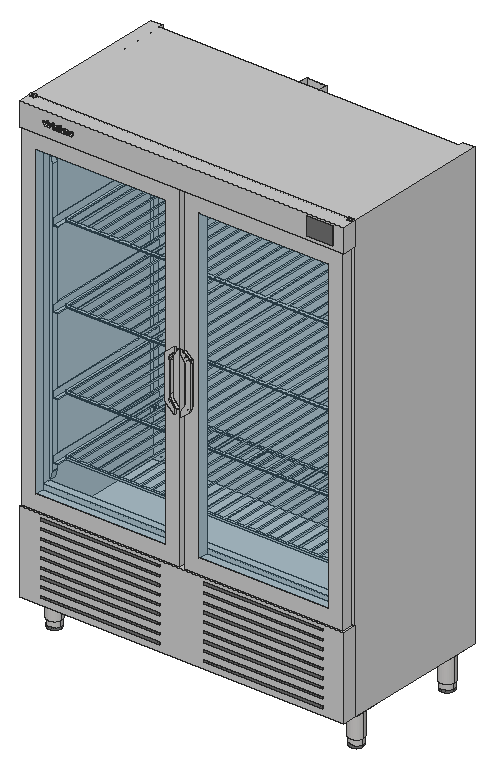
Revit family "QF_INFRICO_AN1002BTCR_250814093632", category Specialty Equipment, Revit 2021
Family settings
  Round Connector Dimension = Use Diameter
  Part Type = Normal
  OmniClass Number = 23.40.40.14
  OmniClass Title = Food Service Equipment
  Work Plane-Based = No
  Always vertical = Yes
  Cut with Voids When Loaded = No
  Shared = No
  Room Calculation Point = No
Parameters (values of type "AN1002BTCR")
  Weight [instance] = 0.00 kg
  Waste Water Discharge Temperature [instance] = 0 °C
  Waste Remarks [instance] = ""
  Warranty Start Date [instance] = ""
  Warranty Duration [instance] = ""
  Volts [instance] = 230 V
  Volt Free Conn [instance] = no
  URL Recommended Spares List [instance] = ""
  URL Manufacturer [instance] = ""
  URL Cutsheet [instance] = ""
  URL Critical Spares List [instance] = ""
  URL = "www.infrico.com"
  Technical Documentation [instance] = ""
  Tag Number [instance] = ""
  Status [instance] = ""
  Start Up Current [instance] = 0 A
  Specification by User [instance] = ""
  Specification by Manufacturer [instance] = ""
  Sound Level [instance] = ""
  Show Logo [instance] = yes
  Show Clearances [instance] = yes
  Service Life Duration [instance] = ""
  Serial Number [instance] = ""
  Seismic Rating [instance] = ""
  SMACNA No [instance] = ""
  Revision Code [instance] = ""
  Revision [instance] = ""
  Production Year [instance] = ""
  Potential Equalisation [instance] = no
  Point Load [instance] = 0
  Plumbing Connection Type [instance] = ""
  Phase [instance] = 1
  Other Equipment Approvals [instance] = ""
  Operational Current [instance] = 0 A
  Number of Poles [instance] = 2
  No Load Power Draw [instance] = no
  NAFEM Spec ID Number [instance] = ""
  Model Warning [instance] = ""
  Model = "AN1002BTCR"
  Min Ckt Ampacity [instance] = 0 A
  Max Overcurrent Protection [instance] = 0 A
  Masterspec [instance] = ""
  Manufacturer = "INFRICO"
  Main switch integrated [instance] = no
  Length Actual [instance] = 1385 mm
  Item Number [instance] = ""
  Installed By [instance] = ""
  Installation Date [instance] = ""
  Indirect Waste Size [instance] = 19.05 mm
  Indirect Waste Remarks [instance] = ""
  Indirect Waste Flow [instance] = 0.0 L/s
  Indirect Waste Connection Type [instance] = ""
  Indirect Waste Connection Height [instance] = 0 mm
  Identify Quantity as Lot [instance] = no
  ID [instance] = ""
  Hygiene Approval [instance] = ""
  Height Actual [instance] = 2060 mm
  HP power [instance] = ""
  Furnished By [instance] = ""
  Foodservice Equipment Identifier [instance] = no
  FL Amps [instance] = 0 A
  Electrical Remarks [instance] = ""
  Electric power [instance] = 880 W
  Electric Connection Type [instance] = ""
  Elec Conn RI Height [instance] = 0 mm
  Elec Conn Connection Height [instance] = 0 mm
  ETL Approved [instance] = no
  Direct Waste Water Discharge Temperature [instance] = -273.15 °C
  Direct Waste Size [instance] = 19.05 mm
  Direct Waste RI Height [instance] = 0 mm
  Direct Waste Flow [instance] = 0.0 L/s
  Direct Waste Connection Height [instance] = 0 mm
  Description = "BOTTOM MOUNTED FREEZER GLASS DOOR REACH IN - TWO DOORS - R290"
  Depth Actual [instance] = 700 mm
  Default Elevation = 0 mm
  Cycle [instance] = 50 Hz
  Cost = 0
  Connection to energy optimisation system [instance] = yes
  Conn Plug [instance] = ""
  Conn Conduit [instance] = no
  Centralized building control system with digital interface [instance] = ""
  CSI MasterFormat [instance] = ""
  CE Approved [instance] = no
  Barcode [instance] = 0
  Author [instance] = ""
  Asset Identifier [instance] = ""
  Apparent Power [instance] = 880 VA
  Accessory [instance] = no
Reference planes
  plane 1 "Center (Front/Back)": y = 0
  plane 2: z = 0
  plane 3 "Center (Left/Right)": x = 0
Forms (mm)
  Extrusion 1, solid, not visible
    sketch origin (693.034, -106.005, 409.52) x (1, 0, 0) y (0, 1, 0)
      loop
        line (-2, 2) -> (-2, -2) -> (2, -2) -> (2, 2) -> (-2, 2)
    from -2 to 2
  Extrusion 2, solid, not visible
    sketch origin (1261.062, -22.001, 2019.099) x (1, 0, 0) y (0, 1, 0)
      loop
        line (-2, 2) -> (-2, -2) -> (2, -2) -> (2, 2) -> (-2, 2)
    from -2 to 2
Dimensions and locks
  locked: nested 2 to Extrusion 1 at 2  (x2)
  locked: Extrusion 2 to nested 3
  locked: nested 3 to Extrusion 2 at 2
  aligned and locked: level to plane 2
Nested families
  nested 1: "QF_INFRICO_AN1002BTCR_2920" at (0, 0, 150), type "AN1002BTCR"
    with Weight 0.00 kg, Warranty Start Date "", Warranty Duration "", URL Cutsheet "", Technical Documentation "", Tag Number "", Status "", Specification by User "", Specification by Manufacturer "", Sound Level "", Solid Fuel Type "", Show Logo yes, Show Clearances yes, Show Clearance yes, Service Life Duration "", Serial Number "", Seismic Rating "", SMACNA No "", Revision Code "", Revision "", Production Year "", Point Load 0, Other Equipment Approvals "", NAFEM Spec ID Number "", Model Warning "", Masterspec "", Length Actual 1385 mm, Item Number "", Installed By "", Installation Date "", Identify Quantity as Lot yes, ID "", Hygiene Approval "", Height Actual 2060 mm, Furnished By "", Foodservice Equipment Identifier yes, ETL Approved yes, Depth Actual 700 mm, CSI MasterFormat "", CE Approved no, Barcode "", Author "", Asset Identifier "", Accessory no
  nested 2: "CONN_POINT_DRAIN_2D___Generic_Annotation" at (693.034, -106.005, 407.52), type "CONN_POINT_DRAIN_2D___Generic_Annotation"
    with Onboard connection annotation symbol visibility yes
  nested 3: "CONN_POINT_ELE_2D___Generic_Annotation" at (1261.062, -20.001, 2019.099), type "CONN_POINT_ELE_2D___Generic_Annotation"
    with Onboard connection annotation symbol visibility yes
  nested 4: "QF_INFRICO_LEGS_REACH_INS_5364" at (0, 0, 0), type "LEGS_1385_640"
    with Weight 0.00 kg, Warranty Start Date "", Warranty Duration "", URL Cutsheet "", Technical Documentation "", Tag Number "", Status "", Specification by User "", Specification by Manufacturer "", Sound Level "", Solid Fuel Type "", Show Logo yes, Show Clearances yes, Service Life Duration "", Serial Number "", Seismic Rating "", SMACNA No "", Revision Code "", Revision "", Production Year "", Point Load 0, Other Equipment Approvals "", NAFEM Spec ID Number "", Model Warning "", Masterspec "", Length Actual 1385 mm, Item Number "", Installed By "", Installation Date "", Identify Quantity as Lot yes, ID "", Hygiene Approval "", Height Actual 150 mm, Furnished By "", Foodservice Equipment Identifier yes, ETL Approved yes, Depth Actual 640 mm, CSI MasterFormat "", CE Approved no, Barcode "", Author "", Asset Identifier "", Accessory yes
Connectors
  piping at (693.034, -106.005, 407.52), diameter 19.05, driven by "Indirect Waste Size", driven by "Direct Waste Flow"
    settings: on Extrusion 1, index 1, connector inside diameter 609.6 mm, connector length 0 mm, flow factor 0, pipe flow 0.0 L/s, pressure drop 0.0 Pa, fitting loss kfactor 0, connector angle 0.00°, fixture units 0, engagement length 0 mm, angle of deflection 0.00°, flow configuration 1, flow direction 2, fitting loss method 0, system type 16, joint type 0, gender type 0, connector reference index -1, connector utility 0, adjustable connector no, is connector primary yes, connector description "Waste connection for AN1002BTCR"
  electrical at (1261.062, -20.001, 2019.099), driven by "Apparent Power", driven by "Number of Poles", driven by "Volts"
    settings: on Extrusion 2, index 2, voltage 230 V, apparent load 0 VA, apparent load phase1 880 VA, apparent load phase2 0 VA, apparent load phase3 0 VA, power factor 1, load classification "Other", number of poles 2, system type 31, power factor state 1, is connector primary yes, connector utility no, sub classification motor no, connector description "Electrical connection for AN1002BTCR"
Definition of nested family "QF_INFRICO_AN1002BTCR_2920"
  Parameters (values of type "AN1002BTCR")
    Weight [instance] = 0.00 kg
    Warranty Start Date [instance] = ""
    Warranty Duration [instance] = ""
    URL Cutsheet [instance] = ""
    URL = "www.infrico.com"
    Technical Documentation [instance] = ""
    Tag Number [instance] = ""
    Status [instance] = ""
    Specification by User [instance] = ""
    Specification by Manufacturer [instance] = ""
    Sound Level [instance] = ""
    Solid Fuel Type [instance] = ""
    Show Logo [instance] = yes
    Show Clearances [instance] = yes
    Show Clearance [instance] = yes
    Service Life Duration [instance] = ""
    Serial Number [instance] = ""
    Seismic Rating [instance] = ""
    SMACNA No [instance] = ""
    Revision Code [instance] = ""
    Revision [instance] = ""
    Production Year [instance] = ""
    Point Load [instance] = 0
    Other Equipment Approvals [instance] = ""
    NAFEM Spec ID Number [instance] = ""
    Model Warning [instance] = ""
    Model = "AN1002BTCR"
    Masterspec [instance] = ""
    Manufacturer = "INFRICO"
    Length Actual [instance] = 0 mm
    Item Number [instance] = ""
    Installed By [instance] = ""
    Installation Date [instance] = ""
    Identify Quantity as Lot [instance] = yes
    ID [instance] = ""
    Hygiene Approval [instance] = ""
    Height Actual [instance] = 0 mm
    Furnished By [instance] = ""
    Foodservice Equipment Identifier [instance] = yes
    ETL Approved [instance] = yes
    Description = "BOTTOM MOUNTED FREEZER GLASS DOOR REACH IN - TWO DOORS - R290 REFRIGERANT"
    Depth Actual [instance] = 0 mm
    Default Elevation = 0 mm
    CSI MasterFormat [instance] = ""
    CE Approved [instance] = yes
    Barcode [instance] = ""
    Author [instance] = ""
    Asset Identifier [instance] = ""
    Assembly Code = "E1090320"
    Accessory [instance] = yes
  Reference planes
    plane 1 "Back": y = 0
    plane 2: z = 0
    plane 3 "Left": x = 0
    plane 4 "Right": x = 1385
    plane 5 "Front": y = -700
    plane 6 "Top": z = 1902
  Forms (mm)
    Extrusion 1, solid
      sketch origin (0, -95, 1652) x (1, 0, 0) y (0, 1, 0)
        loop
          line (0, -545) -> (0, -605) -> (1385, -605) -> (1385, -545) -> (1382.5, -545) -> (1382.5, -558) -> (1360, -558) -> (1360, -545) -> (25, -545) -> (25, -558) -> (2.5, -558) -> (2.5, -545) -> (0, -545)
      from 150 to 250
    Extrusion 2, solid, visible <- "Show Logo"
      sketch origin (-1062.353, -699, 1146.37) x (1, 0, 0) y (0, 0, 1)
        loop
          line (1208.799, 696.53) -> (1208.799, 719.204) -> (1204.173, 719.204) -> (1204.173, 696.53) -> (1208.799, 696.53)
        loop
          line (1214.779, 713.006) -> (1211.283, 713.006) -> (1211.283, 696.53) -> (1215.772, 696.53) -> (1215.772, 707.832)
          arc (1215.772, 707.832) -> (1217.528, 708.741) -> (1219.417, 709.324) r 11.052
          arc (1219.417, 709.324) -> (1220.929, 708.961) -> (1221.598, 707.557) r 1.806
          line (1221.598, 707.557) -> (1221.598, 696.53) -> (1226.121, 696.53) -> (1226.121, 708.689)
          arc (1226.121, 708.689) -> (1224.637, 712.075) -> (1221.141, 713.281) r 4.607
          arc (1221.141, 713.281) -> (1218.282, 712.674) -> (1215.669, 711.361) r 11.435
          line (1215.669, 711.361) -> (1215.601, 712.184)
          arc (1215.601, 712.184) -> (1215.36, 712.765) -> (1214.779, 713.006) r 0.822
        loop
          line (1238.557, 720.102) -> (1237.306, 720.102)
          arc (1237.306, 720.102) -> (1235.052, 719.926) -> (1232.881, 719.297) r 11.103
          arc (1232.881, 719.297) -> (1230.805, 717.616) -> (1230.024, 715.062) r 4.567
          line (1230.024, 715.062) -> (1230.024, 712.909) -> (1227.351, 712.703) -> (1227.351, 709.374) -> (1230.024, 709.374) -> (1230.024, 696.53) -> (1234.547, 696.53) -> (1234.547, 709.374) -> (1238.249, 709.374) -> (1238.249, 712.938) -> (1234.547, 712.938) -> (1234.547, 714.548)
          arc (1234.547, 714.548) -> (1234.956, 715.705) -> (1236.045, 716.271) r 1.67
          line (1236.045, 716.271) -> (1237.7, 716.399)
          arc (1237.7, 716.399) -> (1238.306, 716.65) -> (1238.557, 717.255) r 0.857
          line (1238.557, 717.255) -> (1238.557, 720.102)
        loop
          line (1239.479, 713.006) -> (1239.479, 696.53) -> (1243.968, 696.53) -> (1243.968, 707.352)
          arc (1243.968, 707.352) -> (1245.873, 708.631) -> (1248.077, 709.268) r 7.435
          line (1248.077, 709.268) -> (1249.241, 709.416)
          arc (1249.241, 709.416) -> (1249.643, 709.758) -> (1249.793, 710.265) r 0.928
          line (1249.793, 710.265) -> (1249.793, 712.458)
          arc (1249.793, 712.458) -> (1249.531, 713.061) -> (1248.912, 713.28) r 0.824
          arc (1248.912, 713.28) -> (1246.197, 712.588) -> (1243.899, 710.984) r 7.833
          line (1243.899, 710.984) -> (1243.726, 713.006) -> (1239.479, 713.006)
        loop
          line (1255.495, 696.53) -> (1255.495, 713.006) -> (1251.006, 713.006) -> (1251.006, 696.53) -> (1255.495, 696.53)
        loop
          arc (1257.421, 701.327) -> (1258.567, 698.188) -> (1261.466, 696.525) r 4.873
          arc (1261.466, 696.525) -> (1264.493, 696.266) -> (1267.521, 696.525) r 17.816
          arc (1267.521, 696.525) -> (1270.575, 699.134) -> (1271.505, 703.041) r 6.481
          line (1271.505, 703.041) -> (1267.187, 703.041) -> (1267.187, 701.67)
          arc (1267.187, 701.67) -> (1266.64, 700.452) -> (1265.442, 699.865) r 1.965
          arc (1265.442, 699.865) -> (1264.547, 699.816) -> (1263.653, 699.865) r 8.196
          arc (1263.653, 699.865) -> (1262.417, 700.415) -> (1261.91, 701.67) r 1.806
          line (1261.91, 701.67) -> (1261.91, 707.9)
          arc (1261.91, 707.9) -> (1262.417, 709.155) -> (1263.653, 709.705) r 1.806
          arc (1263.653, 709.705) -> (1264.547, 709.754) -> (1265.442, 709.705) r 8.196
          arc (1265.442, 709.705) -> (1266.64, 709.118) -> (1267.187, 707.9) r 1.965
          line (1267.187, 707.9) -> (1267.187, 706.838) -> (1271.505, 706.838)
          arc (1271.505, 706.838) -> (1270.524, 710.556) -> (1267.521, 712.959) r 6.132
          arc (1267.521, 712.959) -> (1264.493, 713.294) -> (1261.466, 712.959) r 13.851
          arc (1261.466, 712.959) -> (1258.571, 711.349) -> (1257.421, 708.243) r 4.772
          line (1257.421, 708.243) -> (1257.421, 701.327)
        loop
          arc (1272.916, 701.329) -> (1273.993, 698.345) -> (1276.726, 696.734) r 4.676
          arc (1276.726, 696.734) -> (1278.515, 696.455) -> (1280.318, 696.291) r 28.371
          arc (1280.318, 696.291) -> (1282.122, 696.455) -> (1283.911, 696.734) r 28.371
          arc (1283.911, 696.734) -> (1286.644, 698.345) -> (1287.72, 701.329) r 4.676
          line (1287.72, 701.329) -> (1287.72, 708.242)
          arc (1287.72, 708.242) -> (1286.644, 711.226) -> (1283.911, 712.837) r 4.676
          arc (1283.911, 712.837) -> (1282.122, 713.116) -> (1280.318, 713.28) r 28.371
          arc (1280.318, 713.28) -> (1278.515, 713.116) -> (1276.726, 712.837) r 28.371
          arc (1276.726, 712.837) -> (1273.993, 711.226) -> (1272.916, 708.242) r 4.676
          line (1272.916, 708.242) -> (1272.916, 701.329)
        loop
          line (1277.405, 707.866) -> (1277.405, 701.705)
          arc (1277.405, 701.705) -> (1277.844, 700.556) -> (1278.936, 699.991) r 1.725
          arc (1278.936, 699.991) -> (1279.627, 699.918) -> (1280.318, 699.856) r 46.133
          arc (1280.318, 699.856) -> (1281.01, 699.918) -> (1281.701, 699.991) r 46.133
          arc (1281.701, 699.991) -> (1282.793, 700.556) -> (1283.231, 701.705) r 1.725
          line (1283.231, 701.705) -> (1283.231, 707.866)
          arc (1283.231, 707.866) -> (1282.793, 709.015) -> (1281.701, 709.58) r 1.725
          arc (1281.701, 709.58) -> (1281.01, 709.653) -> (1280.318, 709.716) r 46.133
          arc (1280.318, 709.716) -> (1279.627, 709.653) -> (1278.936, 709.58) r 46.133
          arc (1278.936, 709.58) -> (1277.844, 709.015) -> (1277.405, 707.866) r 1.725
        loop
          arc (1190.339, 696.543) -> (1191.411, 696.987) -> (1191.856, 698.059) r 1.516
          line (1191.856, 698.059) -> (1191.856, 703.891) -> (1196.035, 703.891)
          arc (1196.035, 703.891) -> (1196.79, 704.121) -> (1197.218, 704.782) r 1.147
          line (1197.218, 704.782) -> (1197.218, 706.211)
          arc (1197.218, 706.211) -> (1196.787, 707.258) -> (1195.719, 707.634) r 1.385
          line (1195.719, 707.634) -> (1194.52, 707.634) -> (1197.218, 710.332)
          arc (1197.218, 710.332) -> (1197.605, 711.266) -> (1197.218, 712.2) r 1.321
          line (1197.218, 712.2) -> (1196.495, 712.923)
          arc (1196.495, 712.923) -> (1195.54, 713.338) -> (1194.558, 712.991) r 1.422
          line (1194.558, 712.991) -> (1191.853, 710.286) -> (1191.853, 711.479)
          arc (1191.853, 711.479) -> (1191.443, 712.516) -> (1190.435, 712.992) r 1.516
          line (1190.435, 712.992) -> (1189.514, 712.992)
          arc (1189.514, 712.992) -> (1188.511, 712.514) -> (1188.103, 711.479) r 1.516
          line (1188.103, 711.479) -> (1188.103, 706.83) -> (1182.073, 701.336) -> (1182.073, 707.509) -> (1185.639, 711.075)
          arc (1185.639, 711.075) -> (1186.053, 712.073) -> (1185.639, 713.071) r 1.412
          line (1185.639, 713.071) -> (1184.987, 713.723)
          arc (1184.987, 713.723) -> (1183.939, 714.141) -> (1182.915, 713.667) r 1.428
          line (1182.915, 713.667) -> (1182.073, 712.825) -> (1182.073, 717.784)
          arc (1182.073, 717.784) -> (1181.658, 718.787) -> (1180.655, 719.203) r 1.418
          line (1180.655, 719.203) -> (1179.726, 719.203)
          arc (1179.726, 719.203) -> (1178.723, 718.787) -> (1178.308, 717.784) r 1.418
          line (1178.308, 717.784) -> (1178.308, 712.825) -> (1177.466, 713.667)
          arc (1177.466, 713.667) -> (1176.442, 714.141) -> (1175.394, 713.723) r 1.428
          line (1175.394, 713.723) -> (1174.742, 713.071)
          arc (1174.742, 713.071) -> (1174.328, 712.073) -> (1174.742, 711.075) r 1.412
          line (1174.742, 711.075) -> (1178.308, 707.509) -> (1178.308, 701.336) -> (1172.278, 706.83) -> (1172.278, 711.479)
          arc (1172.278, 711.479) -> (1171.87, 712.514) -> (1170.867, 712.992) r 1.516
          line (1170.867, 712.992) -> (1169.946, 712.992)
          arc (1169.946, 712.992) -> (1168.938, 712.516) -> (1168.528, 711.479) r 1.516
          line (1168.528, 711.479) -> (1168.528, 710.286) -> (1165.823, 712.991)
          arc (1165.823, 712.991) -> (1164.841, 713.338) -> (1163.886, 712.923) r 1.422
          line (1163.886, 712.923) -> (1163.163, 712.2)
          arc (1163.163, 712.2) -> (1162.776, 711.266) -> (1163.163, 710.332) r 1.321
          line (1163.163, 710.332) -> (1165.861, 707.634) -> (1164.662, 707.634)
          arc (1164.662, 707.634) -> (1163.594, 707.258) -> (1163.163, 706.211) r 1.385
          line (1163.163, 706.211) -> (1163.163, 704.782)
          arc (1163.163, 704.782) -> (1163.591, 704.121) -> (1164.346, 703.891) r 1.147
          line (1164.346, 703.891) -> (1168.525, 703.891) -> (1168.525, 698.059)
          arc (1168.525, 698.059) -> (1168.969, 696.987) -> (1170.042, 696.543) r 1.516
          line (1170.042, 696.543) -> (1190.339, 696.543)
      from 0 to 2
    Extrusion 3, solid
      sketch origin (57.067, -4.97, 1236.674) x (1, 0, 0) y (0, 0, 1)
        loop
          line (1169.616, 654.3) -> (1169.616, 577.9) -> (1281.216, 577.9) -> (1281.216, 654.3) -> (1169.616, 654.3)
      from 695.03 to 697.03
    Extrusion 4, solid
      sketch origin (5, -77, -10) x (0, 1, 0) y (0, 0, 1)
        loop
          line (-567, 1911) -> (-563, 1911) -> (-563, 1914.5)
          arc (-563, 1914.5) -> (-564.062, 1917.463) -> (-565.924, 1920) r 10.917
          line (-565.924, 1920) -> (-573.076, 1920)
          arc (-573.076, 1920) -> (-574.938, 1917.463) -> (-576, 1914.5) r 10.917
          line (-576, 1914.5) -> (-576, 1911) -> (-572, 1911) -> (-572, 1914.5)
          arc (-572, 1914.5) -> (-569.5, 1917) -> (-567, 1914.5) r 2.5
          line (-567, 1914.5) -> (-567, 1911)
      from 0 to 17.5
    Extrusion 5, solid
      sketch origin (2, -77, -10) x (0, 1, 0) y (0, 0, 1)
        loop
          arc (-567.161, 1915.382) -> (-569.948, 1916.96) -> (-572, 1914.5) r 2.5
          line (-572, 1914.5) -> (-571.49, 1908.671) -> (-564.851, 1909.252) -> (-567.161, 1915.382)
      from 0.5 to 3
    Extrusion 6, solid
      sketch origin (22, -77, -10) x (0, 1, 0) y (0, 0, 1)
        loop
          arc (-567.161, 1915.382) -> (-569.948, 1916.96) -> (-572, 1914.5) r 2.5
          line (-572, 1914.5) -> (-571.49, 1908.671) -> (-564.851, 1909.252) -> (-567.161, 1915.382)
      from 0.5 to 3
    Extrusion 7, solid
      sketch origin (1362.5, -77, -10) x (0, 1, 0) y (0, 0, 1)
        loop
          line (-567, 1911) -> (-563, 1911) -> (-563, 1914.5)
          arc (-563, 1914.5) -> (-564.062, 1917.463) -> (-565.924, 1920) r 10.917
          line (-565.924, 1920) -> (-573.076, 1920)
          arc (-573.076, 1920) -> (-574.938, 1917.463) -> (-576, 1914.5) r 10.917
          line (-576, 1914.5) -> (-576, 1911) -> (-572, 1911) -> (-572, 1914.5)
          arc (-572, 1914.5) -> (-569.5, 1917) -> (-567, 1914.5) r 2.5
          line (-567, 1914.5) -> (-567, 1911)
      from 0 to 17.5
    Extrusion 8, solid
      sketch origin (1359.5, -77, -10) x (0, 1, 0) y (0, 0, 1)
        loop
          arc (-567.161, 1915.382) -> (-569.948, 1916.96) -> (-572, 1914.5) r 2.5
          line (-572, 1914.5) -> (-571.49, 1908.671) -> (-564.851, 1909.252) -> (-567.161, 1915.382)
      from 0.5 to 3
    Extrusion 9, solid
      sketch origin (1379.5, -77, -10) x (0, 1, 0) y (0, 0, 1)
        loop
          arc (-567.161, 1915.382) -> (-569.948, 1916.96) -> (-572, 1914.5) r 2.5
          line (-572, 1914.5) -> (-571.49, 1908.671) -> (-564.851, 1909.252) -> (-567.161, 1915.382)
      from 0.5 to 3
    Extrusion 10, solid
      sketch origin (0, 0, 0) x (1, 0, 0) y (0, 1, 0)
        loop
          line (0, -640) -> (20, -640) -> (20, -20) -> (50, -20) -> (50, 0) -> (0, 0) -> (0, -640)
        loop
          line (1385, -640) -> (1385, 0) -> (1335, 0) -> (1335, -20) -> (1365, -20) -> (1365, -640) -> (1385, -640)
      from 0 to 1902
    Extrusion 11, solid
      sketch origin (0, 0, 0) x (1, 0, 0) y (0, 1, 0)
        loop
          line (20, -20) -> (20, -640) -> (1365, -640) -> (1365, -20) -> (20, -20)
        loop
          line (50, -610) -> (1335, -610) -> (1335, -50) -> (50, -50) -> (50, -610)
      from 257.5 to 1902
    Extrusion 12, void
      sketch origin (698, -390, 0) x (1, 0, 0) y (0, 0, 1)
        loop
          line (-648, 425) -> (637, 425) -> (637, 1737) -> (-648, 1737) -> (-648, 425)
      from 220 to 250
    Extrusion 13, solid
      sketch origin (20, 0, 0) x (1, 0, 0) y (0, 0, 1)
        loop
          line (52, 500) -> (52, 526.5) -> (50, 526.5) -> (50, 498) -> (68.5, 498) -> (68.5, 500) -> (52, 500)
      from 50 to 610
    Extrusion 14, solid
      sketch origin (-120.635, 115, 1315) x (1, 0, 0) y (0, 1, 0)
        loop
          arc (214.135, -210) -> (203.529, -214.393) -> (199.135, -225) r 15
          line (199.135, -225) -> (199.135, -665)
          arc (199.135, -665) -> (203.529, -675.607) -> (214.135, -680) r 15
          line (214.135, -680) -> (1412.135, -680)
          arc (1412.135, -680) -> (1422.742, -675.607) -> (1427.135, -665) r 15
          line (1427.135, -665) -> (1427.135, -225)
          arc (1427.135, -225) -> (1422.742, -214.393) -> (1412.135, -210) r 15
          line (1412.135, -210) -> (214.135, -210)
        loop
          arc (209.135, -665) -> (210.6, -668.536) -> (214.135, -670) r 5
          line (214.135, -670) -> (248.135, -670) -> (248.135, -220) -> (214.135, -220)
          arc (214.135, -220) -> (210.6, -221.464) -> (209.135, -225) r 5
          line (209.135, -225) -> (209.135, -665)
        loop
          line (703.135, -220) -> (703.135, -670) -> (743.135, -670) -> (743.135, -220) -> (703.135, -220)
        loop
          arc (1417.135, -225) -> (1415.671, -221.464) -> (1412.135, -220) r 5
          line (1412.135, -220) -> (1378.135, -220) -> (1378.135, -670) -> (1412.135, -670)
          arc (1412.135, -670) -> (1415.671, -668.536) -> (1417.135, -665) r 5
          line (1417.135, -665) -> (1417.135, -225)
        loop
          line (698.135, -220) -> (658.135, -220) -> (658.135, -670) -> (698.135, -670) -> (698.135, -220)
        loop
          line (653.135, -220) -> (613.135, -220) -> (613.135, -670) -> (653.135, -670) -> (653.135, -220)
        loop
          line (608.135, -220) -> (568.135, -220) -> (568.135, -670) -> (608.135, -670) -> (608.135, -220)
        loop
          line (563.135, -220) -> (523.135, -220) -> (523.135, -670) -> (563.135, -670) -> (563.135, -220)
        loop
          line (518.135, -220) -> (478.135, -220) -> (478.135, -670) -> (518.135, -670) -> (518.135, -220)
        loop
          line (473.135, -220) -> (433.135, -220) -> (433.135, -670) -> (473.135, -670) -> (473.135, -220)
        loop
          line (428.135, -220) -> (388.135, -220) -> (388.135, -670) -> (428.135, -670) -> (428.135, -220)
        loop
          line (383.135, -220) -> (343.135, -220) -> (343.135, -670) -> (383.135, -670) -> (383.135, -220)
        loop
          line (338.135, -220) -> (298.135, -220) -> (298.135, -670) -> (338.135, -670) -> (338.135, -220)
        loop
          line (293.135, -220) -> (253.135, -220) -> (253.135, -670) -> (293.135, -670) -> (293.135, -220)
        loop
          line (1153.135, -220) -> (1153.135, -670) -> (1193.135, -670) -> (1193.135, -220) -> (1153.135, -220)
        loop
          line (1148.135, -220) -> (1108.135, -220) -> (1108.135, -670) -> (1148.135, -670) -> (1148.135, -220)
        loop
          line (1103.135, -220) -> (1063.135, -220) -> (1063.135, -670) -> (1103.135, -670) -> (1103.135, -220)
        loop
          line (1058.135, -220) -> (1018.135, -220) -> (1018.135, -670) -> (1058.135, -670) -> (1058.135, -220)
        loop
          line (1013.135, -220) -> (973.135, -220) -> (973.135, -670) -> (1013.135, -670) -> (1013.135, -220)
        loop
          line (968.135, -220) -> (928.135, -220) -> (928.135, -670) -> (968.135, -670) -> (968.135, -220)
        loop
          line (923.135, -220) -> (883.135, -220) -> (883.135, -670) -> (923.135, -670) -> (923.135, -220)
        loop
          line (878.135, -220) -> (838.135, -220) -> (838.135, -670) -> (878.135, -670) -> (878.135, -220)
        loop
          line (833.135, -220) -> (793.135, -220) -> (793.135, -670) -> (833.135, -670) -> (833.135, -220)
        loop
          line (788.135, -220) -> (748.135, -220) -> (748.135, -670) -> (788.135, -670) -> (788.135, -220)
        loop
          line (1373.135, -220) -> (1333.135, -220) -> (1333.135, -670) -> (1373.135, -670) -> (1373.135, -220)
        loop
          line (1328.135, -220) -> (1288.135, -220) -> (1288.135, -670) -> (1328.135, -670) -> (1328.135, -220)
        loop
          line (1283.135, -220) -> (1243.135, -220) -> (1243.135, -670) -> (1283.135, -670) -> (1283.135, -220)
        loop
          line (1238.135, -220) -> (1198.135, -220) -> (1198.135, -670) -> (1238.135, -670) -> (1238.135, -220)
      from 95 to 100
    Extrusion 15, solid
      sketch origin (0, -50, 0) x (1, 0, 0) y (0, 0, 1)
        loop
          line (60, 433) -> (70, 463) -> (70, 468) -> (70, 1643) -> (60, 1678) -> (50, 1678) -> (50, 433) -> (60, 433)
      from 0 to 20
    Extrusion 16, solid
      sketch origin (0, -590, 0) x (1, 0, 0) y (0, 0, 1)
        loop
          line (60, 433) -> (70, 463) -> (70, 468) -> (70, 1643) -> (60, 1678) -> (50, 1678) -> (50, 433) -> (60, 433)
      from 0 to 20
    Extrusion 17, solid
      sketch origin (1365, 0, 0) x (-1, 0, 0) y (0, 0, -1)
        loop
          line (52, -500) -> (68.5, -500) -> (68.5, -498) -> (50, -498) -> (50, -526.5) -> (52, -526.5) -> (52, -500)
      from 50 to 610
    Extrusion 18, solid
      sketch origin (1385, -50, 0) x (-1, 0, 0) y (0, 0, -1)
        loop
          line (60, -433) -> (50, -433) -> (50, -1678) -> (60, -1678) -> (70, -1643) -> (70, -468) -> (70, -463) -> (60, -433)
      from 0 to 20
    Extrusion 19, solid
      sketch origin (1385, -590, 0) x (-1, 0, 0) y (0, 0, -1)
        loop
          line (60, -433) -> (50, -433) -> (50, -1678) -> (60, -1678) -> (70, -1643) -> (70, -468) -> (70, -463) -> (60, -433)
      from 0 to 20
    Extrusion 20, solid
      sketch origin (20, 0, 250) x (1, 0, 0) y (0, 0, 1)
        loop
          line (52, 500) -> (52, 526.5) -> (50, 526.5) -> (50, 498) -> (68.5, 498) -> (68.5, 500) -> (52, 500)
      from 50 to 610
    Extrusion 21, solid
      sketch origin (1365, 0, 250) x (-1, 0, 0) y (0, 0, -1)
        loop
          line (52, -500) -> (68.5, -500) -> (68.5, -498) -> (50, -498) -> (50, -526.5) -> (52, -526.5) -> (52, -500)
      from 50 to 610
    Extrusion 22, solid
      sketch origin (20, 0, 580) x (1, 0, 0) y (0, 0, 1)
        loop
          line (52, 500) -> (52, 526.5) -> (50, 526.5) -> (50, 498) -> (68.5, 498) -> (68.5, 500) -> (52, 500)
      from 50 to 610
    Extrusion 23, solid
      sketch origin (1365, 0, 580) x (-1, 0, 0) y (0, 0, -1)
        loop
          line (52, -500) -> (68.5, -500) -> (68.5, -498) -> (50, -498) -> (50, -526.5) -> (52, -526.5) -> (52, -500)
      from 50 to 610
    Extrusion 24, solid
      sketch origin (20, 0, 910) x (1, 0, 0) y (0, 0, 1)
        loop
          line (52, 500) -> (52, 526.5) -> (50, 526.5) -> (50, 498) -> (68.5, 498) -> (68.5, 500) -> (52, 500)
      from 50 to 610
    Extrusion 25, solid
      sketch origin (1365, 0, 910) x (-1, 0, 0) y (0, 0, -1)
        loop
          line (52, -500) -> (68.5, -500) -> (68.5, -498) -> (50, -498) -> (50, -526.5) -> (52, -526.5) -> (52, -500)
      from 50 to 610
    Extrusion 26, solid
      sketch origin (0, 0, -30) x (1, 0, 0) y (0, 0, 1)
        loop
          line (50, 1927) -> (1335, 1927) -> (1335, 1932) -> (50, 1932) -> (50, 1927)
      from 50 to 610
    Extrusion 27, solid
      sketch origin (0, 0, -1927) x (1, 0, 0) y (0, 0, 1)
        loop
          line (20, 1927) -> (1365, 1927) -> (1365, 1932) -> (20, 1932) -> (20, 1927)
      from 20 to 640
    Extrusion 28, solid
      sketch origin (698, -10, -30) x (1, 0, 0) y (0, 0, 1)
        loop
          circle (563, 1899) r 12.7
      from 0 to 10
    Extrusion 29, solid
      sketch origin (0, -95, 0) x (0, 1, 0) y (0, 0, 1)
        loop
          line (-545, 350) -> (-605, 350) -> (-605, 0) -> (-545, 0) -> (-545, 350)
      from 0 to 1385
    Extrusion 30, solid
      sketch origin (-2880.873, -698.1, -227.949) x (1, 0, 0) y (0, 0, 1)
        loop
          line (3478.016, 523.949) -> (2970.73, 523.949) -> (2970.73, 514.949) -> (3478.016, 514.949) -> (3478.016, 523.949)
        loop
          line (3478.016, 486.949) -> (2970.73, 486.949) -> (2970.73, 477.949) -> (3478.016, 477.949) -> (3478.016, 486.949)
        loop
          line (3478.016, 449.949) -> (2970.73, 449.949) -> (2970.73, 440.949) -> (3478.016, 440.949) -> (3478.016, 449.949)
        loop
          line (3478.016, 412.949) -> (2970.73, 412.949) -> (2970.73, 403.949) -> (3478.016, 403.949) -> (3478.016, 412.949)
        loop
          line (3478.016, 375.949) -> (2970.73, 375.949) -> (2970.73, 366.949) -> (3478.016, 366.949) -> (3478.016, 375.949)
        loop
          line (3478.016, 338.949) -> (2970.73, 338.949) -> (2970.73, 329.949) -> (3478.016, 329.949) -> (3478.016, 338.949)
        loop
          line (3478.016, 301.949) -> (2970.73, 301.949) -> (2970.73, 292.949) -> (3478.016, 292.949) -> (3478.016, 301.949)
        loop
          line (3478.016, 264.949) -> (2970.73, 264.949) -> (2970.73, 255.949) -> (3478.016, 255.949) -> (3478.016, 264.949)
        loop
          line (3478.016, 560.949) -> (2970.73, 560.949) -> (2970.73, 551.949) -> (3478.016, 551.949) -> (3478.016, 560.949)
      from 0 to 2
    Extrusion 31, solid
      sketch origin (-2182.873, -698.1, -227.949) x (1, 0, 0) y (0, 0, 1)
        loop
          line (3478.016, 523.949) -> (2970.73, 523.949) -> (2970.73, 514.949) -> (3478.016, 514.949) -> (3478.016, 523.949)
        loop
          line (3478.016, 486.949) -> (2970.73, 486.949) -> (2970.73, 477.949) -> (3478.016, 477.949) -> (3478.016, 486.949)
        loop
          line (3478.016, 449.949) -> (2970.73, 449.949) -> (2970.73, 440.949) -> (3478.016, 440.949) -> (3478.016, 449.949)
        loop
          line (3478.016, 412.949) -> (2970.73, 412.949) -> (2970.73, 403.949) -> (3478.016, 403.949) -> (3478.016, 412.949)
        loop
          line (3478.016, 375.949) -> (2970.73, 375.949) -> (2970.73, 366.949) -> (3478.016, 366.949) -> (3478.016, 375.949)
        loop
          line (3478.016, 338.949) -> (2970.73, 338.949) -> (2970.73, 329.949) -> (3478.016, 329.949) -> (3478.016, 338.949)
        loop
          line (3478.016, 301.949) -> (2970.73, 301.949) -> (2970.73, 292.949) -> (3478.016, 292.949) -> (3478.016, 301.949)
        loop
          line (3478.016, 264.949) -> (2970.73, 264.949) -> (2970.73, 255.949) -> (3478.016, 255.949) -> (3478.016, 264.949)
        loop
          line (3478.016, 560.949) -> (2970.73, 560.949) -> (2970.73, 551.949) -> (3478.016, 551.949) -> (3478.016, 560.949)
      from 0 to 2
    Extrusion 32, solid
      sketch origin (-120.635, 115, 985) x (1, 0, 0) y (0, 1, 0)
        loop
          arc (214.135, -210) -> (203.529, -214.393) -> (199.135, -225) r 15
          line (199.135, -225) -> (199.135, -665)
          arc (199.135, -665) -> (203.529, -675.607) -> (214.135, -680) r 15
          line (214.135, -680) -> (1412.135, -680)
          arc (1412.135, -680) -> (1422.742, -675.607) -> (1427.135, -665) r 15
          line (1427.135, -665) -> (1427.135, -225)
          arc (1427.135, -225) -> (1422.742, -214.393) -> (1412.135, -210) r 15
          line (1412.135, -210) -> (214.135, -210)
        loop
          arc (209.135, -665) -> (210.6, -668.536) -> (214.135, -670) r 5
          line (214.135, -670) -> (248.135, -670) -> (248.135, -220) -> (214.135, -220)
          arc (214.135, -220) -> (210.6, -221.464) -> (209.135, -225) r 5
          line (209.135, -225) -> (209.135, -665)
        loop
          line (703.135, -220) -> (703.135, -670) -> (743.135, -670) -> (743.135, -220) -> (703.135, -220)
        loop
          arc (1417.135, -225) -> (1415.671, -221.464) -> (1412.135, -220) r 5
          line (1412.135, -220) -> (1378.135, -220) -> (1378.135, -670) -> (1412.135, -670)
          arc (1412.135, -670) -> (1415.671, -668.536) -> (1417.135, -665) r 5
          line (1417.135, -665) -> (1417.135, -225)
        loop
          line (698.135, -220) -> (658.135, -220) -> (658.135, -670) -> (698.135, -670) -> (698.135, -220)
        loop
          line (653.135, -220) -> (613.135, -220) -> (613.135, -670) -> (653.135, -670) -> (653.135, -220)
        loop
          line (608.135, -220) -> (568.135, -220) -> (568.135, -670) -> (608.135, -670) -> (608.135, -220)
        loop
          line (563.135, -220) -> (523.135, -220) -> (523.135, -670) -> (563.135, -670) -> (563.135, -220)
        loop
          line (518.135, -220) -> (478.135, -220) -> (478.135, -670) -> (518.135, -670) -> (518.135, -220)
        loop
          line (473.135, -220) -> (433.135, -220) -> (433.135, -670) -> (473.135, -670) -> (473.135, -220)
        loop
          line (428.135, -220) -> (388.135, -220) -> (388.135, -670) -> (428.135, -670) -> (428.135, -220)
        loop
          line (383.135, -220) -> (343.135, -220) -> (343.135, -670) -> (383.135, -670) -> (383.135, -220)
        loop
          line (338.135, -220) -> (298.135, -220) -> (298.135, -670) -> (338.135, -670) -> (338.135, -220)
        loop
          line (293.135, -220) -> (253.135, -220) -> (253.135, -670) -> (293.135, -670) -> (293.135, -220)
        loop
          line (1153.135, -220) -> (1153.135, -670) -> (1193.135, -670) -> (1193.135, -220) -> (1153.135, -220)
        loop
          line (1148.135, -220) -> (1108.135, -220) -> (1108.135, -670) -> (1148.135, -670) -> (1148.135, -220)
        loop
          line (1103.135, -220) -> (1063.135, -220) -> (1063.135, -670) -> (1103.135, -670) -> (1103.135, -220)
        loop
          line (1058.135, -220) -> (1018.135, -220) -> (1018.135, -670) -> (1058.135, -670) -> (1058.135, -220)
        loop
          line (1013.135, -220) -> (973.135, -220) -> (973.135, -670) -> (1013.135, -670) -> (1013.135, -220)
        loop
          line (968.135, -220) -> (928.135, -220) -> (928.135, -670) -> (968.135, -670) -> (968.135, -220)
        loop
          line (923.135, -220) -> (883.135, -220) -> (883.135, -670) -> (923.135, -670) -> (923.135, -220)
        loop
          line (878.135, -220) -> (838.135, -220) -> (838.135, -670) -> (878.135, -670) -> (878.135, -220)
        loop
          line (833.135, -220) -> (793.135, -220) -> (793.135, -670) -> (833.135, -670) -> (833.135, -220)
        loop
          line (788.135, -220) -> (748.135, -220) -> (748.135, -670) -> (788.135, -670) -> (788.135, -220)
        loop
          line (1373.135, -220) -> (1333.135, -220) -> (1333.135, -670) -> (1373.135, -670) -> (1373.135, -220)
        loop
          line (1328.135, -220) -> (1288.135, -220) -> (1288.135, -670) -> (1328.135, -670) -> (1328.135, -220)
        loop
          line (1283.135, -220) -> (1243.135, -220) -> (1243.135, -670) -> (1283.135, -670) -> (1283.135, -220)
        loop
          line (1238.135, -220) -> (1198.135, -220) -> (1198.135, -670) -> (1238.135, -670) -> (1238.135, -220)
      from 95 to 100
    Extrusion 33, solid
      sketch origin (-120.635, 115, 655) x (1, 0, 0) y (0, 1, 0)
        loop
          arc (214.135, -210) -> (203.529, -214.393) -> (199.135, -225) r 15
          line (199.135, -225) -> (199.135, -665)
          arc (199.135, -665) -> (203.529, -675.607) -> (214.135, -680) r 15
          line (214.135, -680) -> (1412.135, -680)
          arc (1412.135, -680) -> (1422.742, -675.607) -> (1427.135, -665) r 15
          line (1427.135, -665) -> (1427.135, -225)
          arc (1427.135, -225) -> (1422.742, -214.393) -> (1412.135, -210) r 15
          line (1412.135, -210) -> (214.135, -210)
        loop
          arc (209.135, -665) -> (210.6, -668.536) -> (214.135, -670) r 5
          line (214.135, -670) -> (248.135, -670) -> (248.135, -220) -> (214.135, -220)
          arc (214.135, -220) -> (210.6, -221.464) -> (209.135, -225) r 5
          line (209.135, -225) -> (209.135, -665)
        loop
          line (703.135, -220) -> (703.135, -670) -> (743.135, -670) -> (743.135, -220) -> (703.135, -220)
        loop
          arc (1417.135, -225) -> (1415.671, -221.464) -> (1412.135, -220) r 5
          line (1412.135, -220) -> (1378.135, -220) -> (1378.135, -670) -> (1412.135, -670)
          arc (1412.135, -670) -> (1415.671, -668.536) -> (1417.135, -665) r 5
          line (1417.135, -665) -> (1417.135, -225)
        loop
          line (698.135, -220) -> (658.135, -220) -> (658.135, -670) -> (698.135, -670) -> (698.135, -220)
        loop
          line (653.135, -220) -> (613.135, -220) -> (613.135, -670) -> (653.135, -670) -> (653.135, -220)
        loop
          line (608.135, -220) -> (568.135, -220) -> (568.135, -670) -> (608.135, -670) -> (608.135, -220)
        loop
          line (563.135, -220) -> (523.135, -220) -> (523.135, -670) -> (563.135, -670) -> (563.135, -220)
        loop
          line (518.135, -220) -> (478.135, -220) -> (478.135, -670) -> (518.135, -670) -> (518.135, -220)
        loop
          line (473.135, -220) -> (433.135, -220) -> (433.135, -670) -> (473.135, -670) -> (473.135, -220)
        loop
          line (428.135, -220) -> (388.135, -220) -> (388.135, -670) -> (428.135, -670) -> (428.135, -220)
        loop
          line (383.135, -220) -> (343.135, -220) -> (343.135, -670) -> (383.135, -670) -> (383.135, -220)
        loop
          line (338.135, -220) -> (298.135, -220) -> (298.135, -670) -> (338.135, -670) -> (338.135, -220)
        loop
          line (293.135, -220) -> (253.135, -220) -> (253.135, -670) -> (293.135, -670) -> (293.135, -220)
        loop
          line (1153.135, -220) -> (1153.135, -670) -> (1193.135, -670) -> (1193.135, -220) -> (1153.135, -220)
        loop
          line (1148.135, -220) -> (1108.135, -220) -> (1108.135, -670) -> (1148.135, -670) -> (1148.135, -220)
        loop
          line (1103.135, -220) -> (1063.135, -220) -> (1063.135, -670) -> (1103.135, -670) -> (1103.135, -220)
        loop
          line (1058.135, -220) -> (1018.135, -220) -> (1018.135, -670) -> (1058.135, -670) -> (1058.135, -220)
        loop
          line (1013.135, -220) -> (973.135, -220) -> (973.135, -670) -> (1013.135, -670) -> (1013.135, -220)
        loop
          line (968.135, -220) -> (928.135, -220) -> (928.135, -670) -> (968.135, -670) -> (968.135, -220)
        loop
          line (923.135, -220) -> (883.135, -220) -> (883.135, -670) -> (923.135, -670) -> (923.135, -220)
        loop
          line (878.135, -220) -> (838.135, -220) -> (838.135, -670) -> (878.135, -670) -> (878.135, -220)
        loop
          line (833.135, -220) -> (793.135, -220) -> (793.135, -670) -> (833.135, -670) -> (833.135, -220)
        loop
          line (788.135, -220) -> (748.135, -220) -> (748.135, -670) -> (788.135, -670) -> (788.135, -220)
        loop
          line (1373.135, -220) -> (1333.135, -220) -> (1333.135, -670) -> (1373.135, -670) -> (1373.135, -220)
        loop
          line (1328.135, -220) -> (1288.135, -220) -> (1288.135, -670) -> (1328.135, -670) -> (1328.135, -220)
        loop
          line (1283.135, -220) -> (1243.135, -220) -> (1243.135, -670) -> (1283.135, -670) -> (1283.135, -220)
        loop
          line (1238.135, -220) -> (1198.135, -220) -> (1198.135, -670) -> (1238.135, -670) -> (1238.135, -220)
      from 95 to 100
    Extrusion 34, solid
      sketch origin (-120.635, 115, 405) x (1, 0, 0) y (0, 1, 0)
        loop
          arc (214.135, -210) -> (203.529, -214.393) -> (199.135, -225) r 15
          line (199.135, -225) -> (199.135, -665)
          arc (199.135, -665) -> (203.529, -675.607) -> (214.135, -680) r 15
          line (214.135, -680) -> (1412.135, -680)
          arc (1412.135, -680) -> (1422.742, -675.607) -> (1427.135, -665) r 15
          line (1427.135, -665) -> (1427.135, -225)
          arc (1427.135, -225) -> (1422.742, -214.393) -> (1412.135, -210) r 15
          line (1412.135, -210) -> (214.135, -210)
        loop
          arc (209.135, -665) -> (210.6, -668.536) -> (214.135, -670) r 5
          line (214.135, -670) -> (248.135, -670) -> (248.135, -220) -> (214.135, -220)
          arc (214.135, -220) -> (210.6, -221.464) -> (209.135, -225) r 5
          line (209.135, -225) -> (209.135, -665)
        loop
          line (703.135, -220) -> (703.135, -670) -> (743.135, -670) -> (743.135, -220) -> (703.135, -220)
        loop
          arc (1417.135, -225) -> (1415.671, -221.464) -> (1412.135, -220) r 5
          line (1412.135, -220) -> (1378.135, -220) -> (1378.135, -670) -> (1412.135, -670)
          arc (1412.135, -670) -> (1415.671, -668.536) -> (1417.135, -665) r 5
          line (1417.135, -665) -> (1417.135, -225)
        loop
          line (698.135, -220) -> (658.135, -220) -> (658.135, -670) -> (698.135, -670) -> (698.135, -220)
        loop
          line (653.135, -220) -> (613.135, -220) -> (613.135, -670) -> (653.135, -670) -> (653.135, -220)
        loop
          line (608.135, -220) -> (568.135, -220) -> (568.135, -670) -> (608.135, -670) -> (608.135, -220)
        loop
          line (563.135, -220) -> (523.135, -220) -> (523.135, -670) -> (563.135, -670) -> (563.135, -220)
        loop
          line (518.135, -220) -> (478.135, -220) -> (478.135, -670) -> (518.135, -670) -> (518.135, -220)
        loop
          line (473.135, -220) -> (433.135, -220) -> (433.135, -670) -> (473.135, -670) -> (473.135, -220)
        loop
          line (428.135, -220) -> (388.135, -220) -> (388.135, -670) -> (428.135, -670) -> (428.135, -220)
        loop
          line (383.135, -220) -> (343.135, -220) -> (343.135, -670) -> (383.135, -670) -> (383.135, -220)
        loop
          line (338.135, -220) -> (298.135, -220) -> (298.135, -670) -> (338.135, -670) -> (338.135, -220)
        loop
          line (293.135, -220) -> (253.135, -220) -> (253.135, -670) -> (293.135, -670) -> (293.135, -220)
        loop
          line (1153.135, -220) -> (1153.135, -670) -> (1193.135, -670) -> (1193.135, -220) -> (1153.135, -220)
        loop
          line (1148.135, -220) -> (1108.135, -220) -> (1108.135, -670) -> (1148.135, -670) -> (1148.135, -220)
        loop
          line (1103.135, -220) -> (1063.135, -220) -> (1063.135, -670) -> (1103.135, -670) -> (1103.135, -220)
        loop
          line (1058.135, -220) -> (1018.135, -220) -> (1018.135, -670) -> (1058.135, -670) -> (1058.135, -220)
        loop
          line (1013.135, -220) -> (973.135, -220) -> (973.135, -670) -> (1013.135, -670) -> (1013.135, -220)
        loop
          line (968.135, -220) -> (928.135, -220) -> (928.135, -670) -> (968.135, -670) -> (968.135, -220)
        loop
          line (923.135, -220) -> (883.135, -220) -> (883.135, -670) -> (923.135, -670) -> (923.135, -220)
        loop
          line (878.135, -220) -> (838.135, -220) -> (838.135, -670) -> (878.135, -670) -> (878.135, -220)
        loop
          line (833.135, -220) -> (793.135, -220) -> (793.135, -670) -> (833.135, -670) -> (833.135, -220)
        loop
          line (788.135, -220) -> (748.135, -220) -> (748.135, -670) -> (788.135, -670) -> (788.135, -220)
        loop
          line (1373.135, -220) -> (1333.135, -220) -> (1333.135, -670) -> (1373.135, -670) -> (1373.135, -220)
        loop
          line (1328.135, -220) -> (1288.135, -220) -> (1288.135, -670) -> (1328.135, -670) -> (1328.135, -220)
        loop
          line (1283.135, -220) -> (1243.135, -220) -> (1243.135, -670) -> (1283.135, -670) -> (1283.135, -220)
        loop
          line (1238.135, -220) -> (1198.135, -220) -> (1198.135, -670) -> (1238.135, -670) -> (1238.135, -220)
      from 95 to 100
    Extrusion 35, solid
      sketch origin (0, 0, -1669.5) x (1, 0, 0) y (0, 0, 1)
        loop
          line (20, 1927) -> (1365, 1927) -> (1365, 1932) -> (20, 1932) -> (20, 1927)
      from 20 to 640
    Extrusion 36, solid
      sketch origin (1, 18, 247.5) x (1, 0, 0) y (0, 1, 0)
        loop
          circle (692, -124) r 9.525
      from 0 to 10
    Extrusion 37, solid
      sketch origin (820, -1937, -351) x (0, 0, -1) y (0, 1, 0)
        loop
          circle (-355, 1921) r 4
        loop
          circle (-630, 1923) r 2
        loop
          circle (-605, 1923) r 2
        loop
          circle (-580, 1923) r 2
        loop
          circle (-555, 1923) r 2
        loop
          circle (-530, 1923) r 2
        loop
          circle (-505, 1923) r 2
        loop
          circle (-480, 1923) r 2
        loop
          circle (-455, 1923) r 2
        loop
          circle (-430, 1923) r 2
        loop
          circle (-405, 1923) r 2
        loop
          circle (-380, 1923) r 2
        loop
          circle (-655, 1923) r 2
        loop
          circle (-680, 1923) r 2
        loop
          circle (-705, 1923) r 2
      from -770 to 515
    Extrusion 38, solid
      sketch origin (414, -1929, -348) x (1, 0, 0) y (0, 1, 0)
        loop
          circle (917, 1921) r 4
        loop
          circle (278.5, 1921) r 4
        loop
          circle (-360, 1921) r 4
      from 348 to 718
    Extrusion 39, solid
      sketch origin (391.5, -5, 0) x (1, 0, 0) y (0, 1, 0)
        loop
          line (343.5, -15) -> (343.5, 25) -> (258.5, 25) -> (258.5, -15) -> (259.5, -15) -> (259.5, 24) -> (342.5, 24) -> (342.5, -15) -> (343.5, -15)
      from 370 to 1902
    Extrusion 40, solid
      sketch origin (0, -638, 0) x (1, 0, 0) y (0, 0, 1)
        loop
          line (652.5, 425) -> (732.5, 425) -> (732.5, 1777) -> (652.5, 1777) -> (652.5, 425)
      from 0 to 2
    Extrusion 41, solid
      sketch origin (704, -409, 355) x (1, 0, 0) y (0, 0, 1)
        loop
          line (661, 1427) -> (15, 1427) -> (15, 15) -> (661, 15) -> (661, 1427)
        loop
          line (631, 1397) -> (45, 1397) -> (45, 45) -> (631, 45) -> (631, 1397)
      from 231 to 248
    Extrusion 42, solid
      sketch origin (189.97, -4.942, 481.096) x (1, 0, 0) y (0, 0, 1)
        loop
          line (518.816, 723.04) -> (515.53, 723.04) -> (515.53, 703.04) -> (535.322, 671.778)
          arc (535.322, 671.778) -> (536.599, 669.028) -> (537.13, 666.043) r 11.743
          line (537.13, 666.043) -> (537.13, 523.765)
          arc (537.13, 523.765) -> (536.599, 520.779) -> (535.322, 518.029) r 11.743
          line (535.322, 518.029) -> (515.53, 486.767) -> (515.53, 466.767) -> (518.816, 466.767) -> (552.274, 494.842)
          arc (552.274, 494.842) -> (556.597, 500.476) -> (558.134, 507.408) r 16.404
          line (558.134, 507.408) -> (558.134, 682.399)
          arc (558.134, 682.399) -> (556.597, 689.332) -> (552.274, 694.965) r 16.404
          line (552.274, 694.965) -> (518.816, 723.04)
      from 713.68 to 715.78
    Extrusion 43, solid
      sketch origin (1192.902, -4.942, 481.096) x (-1, 0, 0) y (0, 0, -1)
        loop
          line (471.131, -498.425) -> (487.402, -482.154) -> (487.402, -479.189) -> (457.988, -503.87)
          arc (457.988, -503.87) -> (456.67, -505.587) -> (456.202, -507.7) r 5
          line (456.202, -507.7) -> (456.202, -682.691)
          arc (456.202, -682.691) -> (456.67, -684.804) -> (457.988, -686.521) r 5
          line (457.988, -686.521) -> (487.402, -711.202) -> (487.402, -708.237) -> (471.131, -691.967)
          arc (471.131, -691.967) -> (461.192, -677.092) -> (457.702, -659.546) r 45.85
          line (457.702, -659.546) -> (457.702, -530.845)
          arc (457.702, -530.845) -> (461.192, -513.299) -> (471.131, -498.425) r 45.85
      from 692.058 to 713.68
    Extrusion 44, solid
      sketch origin (902.098, -14.942, 418.857) x (0, 1, 0) y (0, 0, 1)
        loop
          line (-682.058, 1318.143) -> (-682.058, -3.857) -> (-678.07, -3.857) -> (-678.07, 1318.143) -> (-682.058, 1318.143)
      from -138.098 to 417.902
    Extrusion 45, solid
      sketch origin (902.098, -653, 418.857) x (1, 0, 0) y (0, 0, 1)
        loop
          line (-198.098, 1378.143) -> (-198.098, -63.857) -> (477.902, -63.857) -> (477.902, 1378.143) -> (-198.098, 1378.143)
        loop
          line (-138.098, 1318.143) -> (-138.098, -3.857) -> (417.902, -3.857) -> (417.902, 1318.143) -> (-138.098, 1318.143)
      from 4 to 44
    Extrusion 46, solid, detail levels coarse
      sketch origin (704, -636, 355) x (1, 0, 0) y (0, 1, 0)
        loop
          arc (0, -61) -> (186.28, -510.72) -> (636, -697) r 636
          line (636, -697) -> (676, -697) -> (676, -61) -> (0, -61)
      from 0 to 1442
    Extrusion 47, solid
      sketch origin (681, -409, 355) x (-1, 0, 0) y (0, 0, -1)
        loop
          line (661, -1427) -> (661, -15) -> (15, -15) -> (15, -1427) -> (661, -1427)
        loop
          line (631, -1397) -> (631, -45) -> (45, -45) -> (45, -1397) -> (631, -1397)
      from 231 to 248
    Extrusion 48, solid
      sketch origin (1195.03, -4.942, 481.096) x (-1, 0, 0) y (0, 0, -1)
        loop
          line (518.816, -723.04) -> (552.274, -694.965)
          arc (552.274, -694.965) -> (556.597, -689.332) -> (558.134, -682.399) r 16.404
          line (558.134, -682.399) -> (558.134, -507.408)
          arc (558.134, -507.408) -> (556.597, -500.476) -> (552.274, -494.842) r 16.404
          line (552.274, -494.842) -> (518.816, -466.767) -> (515.53, -466.767) -> (515.53, -486.767) -> (535.322, -518.029)
          arc (535.322, -518.029) -> (536.599, -520.779) -> (537.13, -523.765) r 11.743
          line (537.13, -523.765) -> (537.13, -666.043)
          arc (537.13, -666.043) -> (536.599, -669.028) -> (535.322, -671.778) r 11.743
          line (535.322, -671.778) -> (515.53, -703.04) -> (515.53, -723.04) -> (518.816, -723.04)
      from 713.68 to 715.78
    Extrusion 49, solid
      sketch origin (192.098, -4.942, 481.096) x (1, 0, 0) y (0, 0, 1)
        loop
          arc (471.131, 498.425) -> (461.192, 513.299) -> (457.702, 530.845) r 45.85
          line (457.702, 530.845) -> (457.702, 659.546)
          arc (457.702, 659.546) -> (461.192, 677.092) -> (471.131, 691.967) r 45.85
          line (471.131, 691.967) -> (487.402, 708.237) -> (487.402, 711.202) -> (457.988, 686.521)
          arc (457.988, 686.521) -> (456.67, 684.804) -> (456.202, 682.691) r 5
          line (456.202, 682.691) -> (456.202, 507.7)
          arc (456.202, 507.7) -> (456.67, 505.587) -> (457.988, 503.87) r 5
          line (457.988, 503.87) -> (487.402, 479.189) -> (487.402, 482.154) -> (471.131, 498.425)
      from 692.058 to 713.68
    Extrusion 50, solid
      sketch origin (482.902, -14.942, 418.857) x (0, 1, 0) y (0, 0, -1)
        loop
          line (-682.058, -1318.143) -> (-678.07, -1318.143) -> (-678.07, 3.857) -> (-682.058, 3.857) -> (-682.058, -1318.143)
      from -138.098 to 417.902
    Extrusion 51, solid
      sketch origin (482.902, -653, 418.857) x (-1, 0, 0) y (0, 0, -1)
        loop
          line (-198.098, -1378.143) -> (477.902, -1378.143) -> (477.902, 63.857) -> (-198.098, 63.857) -> (-198.098, -1378.143)
        loop
          line (-138.098, -1318.143) -> (417.902, -1318.143) -> (417.902, 3.857) -> (-138.098, 3.857) -> (-138.098, -1318.143)
      from 4 to 44
    Extrusion 52, solid, detail levels coarse
      sketch origin (681, -636, 355) x (-1, 0, 0) y (0, -1, 0)
        loop
          line (0, 61) -> (676, 61) -> (676, 697) -> (636, 697)
          arc (636, 697) -> (186.28, 510.72) -> (0, 61) r 636
      from 0 to 1442
  Cuts and joins
    Extrusion 12 cuts Extrusion 13
    Extrusion 12 cuts Extrusion 16
    Extrusion 12 cuts Extrusion 17
    Extrusion 12 cuts Extrusion 19
    Extrusion 12 cuts Extrusion 20
    Extrusion 12 cuts Extrusion 21
    Extrusion 12 cuts Extrusion 22
    Extrusion 12 cuts Extrusion 23
    Extrusion 12 cuts Extrusion 24
    Extrusion 12 cuts Extrusion 25
    Extrusion 12 cuts Extrusion 11
    joined: Extrusion 10, Extrusion 11, Extrusion 26, Extrusion 27, Extrusion 35
  Lines and regions (mm)
    symbolic lines, visible <- "Show Clearance"
      curve 1: line (0, -700, 0) -> (1385, -700, 0)
      curve 2: line (1385, -700, 0) -> (1385, 0, 0)
      curve 3: line (50, 0, 0) -> (0, 0, 0)
      curve 4: line (0, 0, 0) -> (0, -700, 0)
      curve 5: line (0, -640, 0) -> (1385, -640, 0)
      curve 6: line (1385, 0, 0) -> (1335, 0, 0)
      curve 7: line (1335, -20, 0) -> (50, -20, 0)
      curve 8: line (1335, 0, 0) -> (1335, -20, 0)
      curve 9: line (50, -20, 0) -> (50, 0, 0)
      curve 10: line (5, -1333, 0) -> (5, -700, 0)
      curve 11: arc (704.007, -700, 0) -> (891.342, -1147.779, 0) -> (1340, -1333, 0) r 636
      curve 12: line (1340, -1333, 0) -> (1380, -1333, 0)
      curve 13: arc (680.993, -700, 0) -> (493.658, -1147.779, 0) -> (45, -1333, 0) r 636
      curve 14: line (45, -1333, 0) -> (5, -1333, 0)
      curve 15: line (1380, -1333, 0) -> (1380, -700, 0)
      curve 16: line (1340, -1333, 0) -> (1340, -700, 0)
      curve 17: line (45, -1333, 0) -> (45, -700, 0)
  Dimensions and locks
    plane 6 "Top" to level = 1902 mm  (x2)
    plane 1 "Back" to plane 5 "Front" = 700 mm  (x2)
    plane 4 "Right" to plane 3 "Left" = 1385 mm
    plane 3 "Left" to plane 4 "Right" = 1385 mm
    aligned and locked: level to plane 2
  Connectors
    electrical at (1261, -10, 1869)
      settings: on Extrusion 28, index 2, voltage 0 V, apparent load 0 VA, apparent load phase1 0 VA, apparent load phase2 0 VA, apparent load phase3 0 VA, power factor 1, load classification none, number of poles 1, system type 31, power factor state 1, is connector primary yes, connector utility no, sub classification motor no, connector description "Electrical connection"
    piping at (693, -106, 247.5), diameter 19.1
      settings: on Extrusion 36, index 3, connector inside diameter 609.6 mm, connector length 0 mm, flow factor 0, pipe flow 0.0 L/s, pressure drop 0.0 Pa, fitting loss kfactor 0, connector angle 0.00°, fixture units 0, engagement length 0 mm, angle of deflection 0.00°, flow configuration 1, flow direction 2, fitting loss method 0, system type 16, joint type 0, gender type 0, connector reference index -1, connector utility 0, adjustable connector no, is connector primary yes, connector description "Drain connection"
Definition of nested family "QF_INFRICO_LEGS_REACH_INS_5364"
  Parameters (values of type "LEGS_930_756")
    Weight [instance] = 0.00 kg
    Warranty Start Date [instance] = ""
    Warranty Duration [instance] = ""
    URL Cutsheet [instance] = ""
    URL = "www.infrico.com"
    Technical Documentation [instance] = ""
    Tag Number [instance] = ""
    Status [instance] = ""
    Specification by User [instance] = ""
    Specification by Manufacturer [instance] = ""
    Sound Level [instance] = ""
    Solid Fuel Type [instance] = ""
    Show Logo [instance] = yes
    Show Clearances [instance] = yes
    Service Life Duration [instance] = ""
    Serial Number [instance] = ""
    Seismic Rating [instance] = ""
    SMACNA No [instance] = ""
    Right offset = 228 mm
    Revision Code [instance] = ""
    Revision [instance] = ""
    Rear offset = 163 mm
    Production Year [instance] = ""
    Point Load [instance] = 0
    Other Equipment Approvals [instance] = ""
    NAFEM Spec ID Number [instance] = ""
    Model Warning [instance] = ""
    Model = "LEGS_930_756"
    Masterspec [instance] = ""
    Manufacturer = "INFRICO"
    Length Actual [instance] = 0 mm
    Length = 930 mm
    Left offset = 136 mm
    Item Number [instance] = ""
    Installed By [instance] = ""
    Installation Date [instance] = ""
    Identify Quantity as Lot [instance] = yes
    ID [instance] = ""
    Hygiene Approval [instance] = ""
    Height Actual [instance] = 0 mm
    Height = 150 mm
    Furnished By [instance] = ""
    Front offset = 60 mm
    Foodservice Equipment Identifier [instance] = yes
    ETL Approved [instance] = yes
    Description = "LEGS"
    Depth Actual [instance] = 0 mm
    Depth = 756 mm
    Default Elevation = 0 mm
    CentralLegs = if(Length > 2000 mm, 2 > 1, 2 < 1)  # no
    CSI MasterFormat [instance] = ""
    CE Approved [instance] = yes
    Barcode [instance] = ""
    Author [instance] = ""
    Asset Identifier [instance] = ""
    Assembly Code = "E1090320"
    Accessory [instance] = yes
  Types (32, lengths in mm): name | Right offset | Rear offset | Model | Length | Left offset | Height | Front offset | Depth | CentralLegs
    LEGS_557_720 | 47 | 88 | "LEGS_557_720" | 557 | 47 | 150 | 67 | 720 | no
    LEGS_1124_720 | 47 | 88 | "LEGS_1124_720" | 1124 | 47 | 150 | 67 | 720 | no
    LEGS_687_640 | 47 | 88 | "LEGS_687_640" | 687 | 47 | 150 | 67 | 640 | no
    LEGS_1385_640 | 47 | 88 | "LEGS_1385_640" | 1385 | 47 | 150 | 67 | 640 | no
    LEGS_2081_640 | 47 | 88 | "LEGS_2081_640" | 2081 | 47 | 150 | 67 | 640 | yes
    LEGS_800_545 | 47 | 88 | "LEGS_800_545" | 800 | 47 | 150 | 67 | 545 | no
    LEGS_482_640 | 47 | 88 | "LEGS_482_640" | 482 | 47 | 150 | 67 | 640 | no
    LEGS_974_640 | 47 | 88 | "LEGS_974_640" | 974 | 47 | 150 | 67 | 640 | no
    LEGS_687_734 | 47 | 88 | "LEGS_687_734" | 687 | 47 | 150 | 67 | 734 | no
    LEGS_1385_734 | 47 | 88 | "LEGS_1385_734" | 1385 | 47 | 150 | 67 | 734 | no
    LEGS_756_900 | 47 | 88 | "LEGS_756_900" | 756 | 47 | 150 | 67 | 900 | no
    LEGS_752_677 | 47 | 88 | "LEGS_752_677" | 752 | 47 | 150 | 67 | 677 | no
    LEGS_2081_736 | 47 | 88 | "LEGS_2081_736" | 2081 | 47 | 150 | 67 | 736 | yes
    LEGS_702_700 | 74 | 110 | "LEGS_702_700" | 702 | 74 | 150 | 63 | 700 | no
    LEGS_1227_700 | 74 | 110 | "LEGS_1227_700" | 1227 | 74 | 150 | 63 | 700 | no
    LEGS_1533_700 | 74 | 110 | "LEGS_1533_700" | 1533 | 74 | 150 | 63 | 700 | no
    LEGS_1844_700 | 74 | 110 | "LEGS_1844_700" | 1844 | 74 | 150 | 63 | 700 | no
    LEGS_1050_768 | 208 | 60 | "LEGS_1050_768" | 1050 | 160 | 150 | 60 | 768 | no
    LEGS_1710_768 | 208 | 60 | "LEGS_1710_768" | 1710 | 160 | 150 | 60 | 768 | no
    LEGS_2370_768 | 208 | 60 | "LEGS_2370_768" | 2370 | 160 | 150 | 60 | 768 | yes
    LEGS_930_756 | 228 | 163 | "LEGS_930_756" | 930 | 136 | 150 | 60 | 756 | no
    LEGS_1235_756 | 228 | 163 | "LEGS_1235_756" | 1235 | 136 | 150 | 60 | 756 | no
    LEGS_1352_756 | 228 | 163 | "LEGS_1352_756" | 1352 | 136 | 150 | 60 | 756 | no
    LEGS_1845_756 | 228 | 163 | "LEGS_1845_756" | 1845 | 136 | 150 | 60 | 756 | no
    LEGS_2464_756 | 228 | 163 | "LEGS_2464_756" | 2464 | 136 | 150 | 60 | 756 | yes
    LEGS_2809_756 | 228 | 163 | "LEGS_2809_756" | 2809 | 136 | 150 | 60 | 756 | yes
    LEGS_1384_736 | 47 | 88 | "LEGS_1384_736" | 1384 | 47 | 150 | 67 | 736 | no
    LEGS_687_740 | 47 | 88 | "LEGS_687_740" | 687 | 47 | 140 | 67 | 740 | no
    LEGS_1385_740 | 47 | 88 | "LEGS_1385_740" | 1385 | 47 | 140 | 67 | 740 | no
